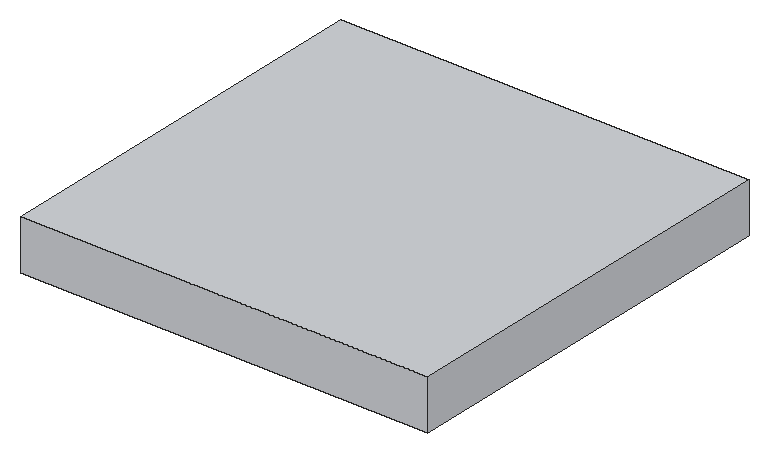
Revit family "TC - Base Wall Drop1", category Data Devices, host Face, Revit 2025
Family settings
  Host = Face
  Round Connector Dimension = Use Diameter
  Part Type = Normal
  OmniClass Number = 23.85.50.17.11
  OmniClass Title = Computer Network Equipment
  Cut with Voids When Loaded = No
  Maintain Annotation Orientation = Yes
  Shared = Yes
  Room Calculation Point = No
Parameters (values of type "RS - 1 Port")
  TC Tagging Order [instance] = ""
  TC Label Quadrant [instance] = 0
  TC Auto Orient Version = 1
  TC Auto Orient [instance] = yes
  Symbol On/Off [instance] = yes
  Shade Right [instance] = # of Ports > 1  # no
  Shade Left [instance] = 1 = 0  # no
  Mounting Type [instance] = "Wall"
  IDF Room [instance] = ""
  Floor [instance] = ""
  Elevation Tag - Rotate [instance] = yes
  Elevation Tag [instance] = no
  Data Elevation [instance] = ""
  Cable ID Tag - Right Rotate [instance] = TC Label Quadrant = 3  # no
  Cable ID Tag - Right [instance] = TC Label Quadrant = 2  # no
  Cable ID Tag [instance] = TC Label Quadrant = 0  # yes
  Cable ID Tag - Rotate [instance] = TC Label Quadrant = 1  # no
  # of Ports Tag - Rotate [instance] = TC Label Quadrant = 1  # no
  # of Ports Tag - Left Rotate [instance] = TC Label Quadrant = 3  # no
  # of Ports Tag - Left [instance] = TC Label Quadrant = 2  # no
  # of Ports Tag [instance] = TC Label Quadrant = 0  # yes
  Faceplate Width = 0' - 2 1/2"
  Faceplate Height = 0' - 4"
  Faceplate Depth = 0' - 0 3/16"
  Description = ""
  Default Elevation = 1' - 6"
  Cable ID Suffix = "RS"
  Backbox Width = 0' - 4"
  Backbox Height = 0' - 4"
  Backbox Depth = 0' - 2"
  Assembly Code = ""
  # of Ports = 1
Types (15): name | Shade Right | Mounting Type | Elevation Tag - Rotate | Elevation Tag | Default Elevation | Cable ID Suffix | # of Ports
  TD - 1 Port | no | "Wall" | no | yes | 1' - 6" | "TD" | 1
  TD - 2 Port | yes | "Wall" | yes | no | 1' - 6" | "TD" | 2
  TD - 4 Port | yes | "Wall" | no | yes | 1' - 6" | "TD" | 4
  RS - 1 Port | no | "Wall" | yes | no | 1' - 6" | "RS" | 1
  AV - 1 Port | no | "Wall" | no | yes | 1' - 6" | "AV" | 1
  AV - 2 Port | yes | "Wall" | no | yes | 1' - 6" | "AV" | 2
  AC - 1 Port | no | "Wall" | no | yes | 1' - 6" | "AC" | 1
  AC - 2 Port | yes | "Wall" | no | yes | 1' - 6" | "AC" | 2
  AV - 4 Port | yes | "Wall" | no | yes | 7' - 6" | "AV" | 4
  TD - 3 Port | yes | "Wall" | no | yes | 1' - 6" | "TD" | 3
  P - 2 Drop | yes | "Wall" | yes | no | 1' - 6" | "P" | 2
  CAM 2 | no | "" | no | yes | 1' - 6" | "CM" | 1
  O 2 | no | "" | no | yes | 1' - 6" | "O" | 0
  AV 2 | no | "" | no | yes | 1' - 6" | "AV" | 0
  AC 2 | yes | "" | no | yes | 1' - 6" | "AC" | 2
Reference planes (in)
  plane 1 "Center (Front/Back)": y = 0
  plane 2: z = 0
  plane 3 "Center (Left/Right)": x = 0
  plane 4 "Left Inside": x = -2
  plane 5 "Right Inside": x = 2
  plane 6 "Top Inside": y = 2
  plane 7 "Bottom Inside": y = -2
  plane 8 "Left Outside": x = -1.25
  plane 9 "Right Outside": x = 1.25
  plane 10 "Top Outside": y = 2
  plane 11 "Bottom Outside": y = -2
  plane 12 "Front": z = 0.1875
  plane 13 "Back": z = -2
Forms (in)
  Extrusion 1, solid
    sketch origin (0, 0, 0) x (1, 0, 0) y (0, 1, 0)
      loop
        line (-49.63881, 48) -> (-49.63881, -48) -> (48, -48) -> (48, 48) -> (-49.63881, 48)
    from 0 to -12
  Extrusion 2, solid, not visible, detail levels fine
    sketch origin (0, 0, 0) x (1, 0, 0) y (0, 1, 0)
      loop
        line (-2, 2) -> (-2, -2) -> (2, -2) -> (2, 2) -> (-2, 2)
    from -0.13408 to -2
  Extrusion 3, solid, not visible, detail levels fine
    sketch origin (0, 0, 0) x (1, 0, 0) y (0, 1, 0)
      loop
        line (-1.25, 2) -> (-1.25, -2) -> (1.25, -2) -> (1.25, 2) -> (-1.25, 2)
    from 0 to 0.1875
  Extrusion 4, solid, detail levels medium
    sketch origin (0, 0, 0) x (1, 0, 0) y (0, 1, 0)
      loop
        line (-1.25, 2) -> (-1.25, -2) -> (1.25, -2) -> (1.25, 2) -> (-1.25, 2)
    from -0.13408 to 0
Lines and regions (in)
  symbolic lines, detail levels fine
    curve 1: line (-1.25, 0, 0) -> (1.25, 0, 0)
    curve 2: line (-1.25, 0, 0.1875) -> (-1.25, 0, 0)
    curve 3: line (1.25, 0, 0.1875) -> (-1.25, 0, 0.1875)
    curve 4: line (1.25, 0, 0) -> (1.25, 0, 0.1875)
Dimensions and locks (in)
  equal spacing: plane 4 "Left Inside", plane 3 "Center (Left/Right)", plane 5 "Right Inside"
  "Backbox Width": plane 4 "Left Inside" to plane 5 "Right Inside"
  equal spacing: plane 6 "Top Inside", plane 1 "Center (Front/Back)", plane 7 "Bottom Inside"
  "Backbox Height": plane 6 "Top Inside" to plane 7 "Bottom Inside"
  equal spacing: plane 8 "Left Outside", plane 3 "Center (Left/Right)", plane 9 "Right Outside"
  "Faceplate Width": plane 8 "Left Outside" to plane 9 "Right Outside"
  equal spacing: plane 10 "Top Outside", plane 1 "Center (Front/Back)", plane 11 "Bottom Outside"
  "Faceplate Height": plane 10 "Top Outside" to plane 11 "Bottom Outside"
  "Faceplate Depth": plane 12 "Front" to plane 2
  "Backbox Depth": plane 2 to plane 13 "Back"
  aligned and locked: plane 2 to Extrusion 1
  aligned and locked: level to Extrusion 1
  aligned and locked: plane 4 "Left Inside" to Extrusion 2 sketch curve
  aligned and locked: Extrusion 2 sketch curve to plane 6 "Top Inside"
  aligned and locked: plane 7 "Bottom Inside" to Extrusion 2 sketch curve
  aligned and locked: Extrusion 2 sketch curve to plane 5 "Right Inside"
  aligned and locked: Extrusion 2 to plane 13 "Back"
  aligned and locked: plane 8 "Left Outside" to Extrusion 3 sketch curve
  aligned and locked: Extrusion 3 sketch curve to plane 10 "Top Outside"
  aligned and locked: plane 11 "Bottom Outside" to Extrusion 3 sketch curve
  aligned and locked: Extrusion 3 sketch curve to plane 9 "Right Outside"
  aligned and locked: plane 12 "Front" to Extrusion 3
  aligned and locked: plane 8 "Left Outside" to curve 2
  aligned and locked: curve 4 to plane 9 "Right Outside"
  aligned and locked: plane 12 "Front" to curve 3
  aligned and locked: curve 1 to level
  aligned and locked: plane 8 "Left Outside" to curve 1
  aligned and locked: Extrusion 4 to plane 8 "Left Outside"
  aligned and locked: plane 6 "Top Inside" to Extrusion 4
  aligned and locked: Extrusion 2 to Extrusion 4
Automatic sketch dimensions
  Extrusion 1 sketch curve to Extrusion 1 sketch curve = 8' - 1.63881"
  Extrusion 1 sketch curve to Extrusion 1 sketch curve = 8' - 0"
  Extrusion 4 sketch curve to plane 8 "Left Outside" = 0' - 0"
  Extrusion 4 sketch curve to plane 9 "Right Outside" = 0' - 0"
  Extrusion 4 sketch curve to plane 7 "Bottom Inside" = 0' - 0"
  Extrusion 4 sketch curve to plane 6 "Top Inside" = 0' - 0"
Nested families (in)
  nested 1: "TC_WALL DROP SYMBOL" at (0, 0, 0), Cable ID Suffix <- "Cable ID Suffix", # of Ports <- "# of Ports", Elevation Tag <- "Elevation Tag", Elevation Tag - Rotate <- "Elevation Tag - Rotate", # of Ports Tag <- "# of Ports Tag", Cable ID Tag <- "Cable ID Tag", Cable ID Tag - Rotate <- "Cable ID Tag - Rotate", visible <- "Symbol On/Off", Shade Left <- "Shade Left", Shade Right <- "Shade Right", # of Ports Tag - Left <- "# of Ports Tag - Left", # of Ports Tag - Left Rotate <- "# of Ports Tag - Left Rotate", Cable ID Tag - Right <- "Cable ID Tag - Right", Cable ID Tag - Right Rotate <- "Cable ID Tag - Right Rotate", # of Ports Tag - Rotate <- "# of Ports Tag - Rotate", Data Elevation <- "Data Elevation", type "TC_WALL DROP SYMBOL"
    with Shade Right no, Shade Left no, Elevation Tag - Rotate yes, Elevation Tag no, Data Elevation "", Cable ID Tag - Rotate no, Cable ID Tag - Right Rotate no, Cable ID Tag - Right no, Cable ID Tag yes, Cable ID Suffix "RS", # of Ports Tag - Rotate no, # of Ports Tag - Left Rotate no, # of Ports Tag - Left no, # of Ports Tag yes, # of Ports 1
Connectors (in)
  electrical at (0, 2, -1.06704)
    settings: on Extrusion 2, index 1, voltage 0 V, apparent load 0 VA, apparent load phase1 0 VA, apparent load phase2 0 VA, apparent load phase3 0 VA, power factor 0, load classification "Other", number of poles 1, system type 5, power factor state 1, is connector primary yes, connector utility no, sub classification motor no, connector description ""
Definition of nested family "TC_WALL DROP SYMBOL"
  Parameters (values of type "TC_WALL DROP SYMBOL")
    Shade Right [instance] = yes
    Shade Left [instance] = no
    Elevation Tag - Rotate [instance] = no
    Elevation Tag [instance] = no
    Data Elevation [instance] = ""
    Cable ID Tag - Rotate [instance] = no
    Cable ID Tag - Right Rotate [instance] = no
    Cable ID Tag - Right [instance] = no
    Cable ID Tag [instance] = yes
    Cable ID Suffix [instance] = ""
    # of Ports Tag - Rotate [instance] = no
    # of Ports Tag - Left Rotate [instance] = no
    # of Ports Tag - Left [instance] = no
    # of Ports Tag [instance] = yes
    # of Ports [instance] = 0
  Reference planes (in)
    plane 1: y = 0
    plane 2: x = 0
  Lines and regions (in)
    Filled region 1, type "Solid Black", visible <- "Shade Right"
      outline origin (0, 0, 0) x (1, 0, 0) y (0, 1, 0)
        loop
          line (0, 0) -> (0.07679, 0.133) -> (0, 0.133) -> (0, 0)
    Filled region 2, type "Solid Black", visible <- "Shade Left"
      outline origin (0, 0, 0) x (1, 0, 0) y (0, 1, 0)
        loop
          line (0, 0) -> (0, 0.133) -> (-0.07679, 0.133) -> (0, 0)
    detail lines
      curve 1: line (-0.07679, 0.133, 0) -> (0.07679, 0.133, 0)
      curve 2: line (0.07679, 0.133, 0) -> (0, 0, 0)
      curve 3: line (-0.07679, 0.133, 0) -> (0, 0, 0)
      curve 4: line (-0.06693, 0, 0) -> (0.06693, 0, 0)
  Text (in)
    label "#" at (0.06898, 0.2146, 0), shows "# of Ports", visible <- "# of Ports Tag"
    label "ID" at (-0.03732, 0.2146, 0), shows "Cable ID Suffix", visible <- "Cable ID Tag"
    label "#" at (0.1093, 0.19382, 0), shows "# of Ports", visible <- "# of Ports Tag - Rotate"
    label "ID" at (-0.08666, 0.17647, 0), shows "Cable ID Suffix", visible <- "Cable ID Tag - Rotate"
    label "Data Elevation" at (0.17412, -0.12459, 0), shows "Data Elevation", visible <- "Elevation Tag - Rotate"
    label "Data Elevation" at (0.083, -0.04006, 0), shows "Data Elevation", visible <- "Elevation Tag"
    label "ID" at (0.06845, 0.2146, 0), shows "Cable ID Suffix", visible <- "Cable ID Tag - Right"
    label "ID" at (0.10866, 0.17647, 0), shows "Cable ID Suffix", visible <- "Cable ID Tag - Right Rotate"
    label "#" at (-0.1204, 0.2146, 0), shows "# of Ports", visible <- "# of Ports Tag - Left"
    label "#" at (-0.08009, 0.19382, 0), shows "# of Ports", visible <- "# of Ports Tag - Left Rotate"
